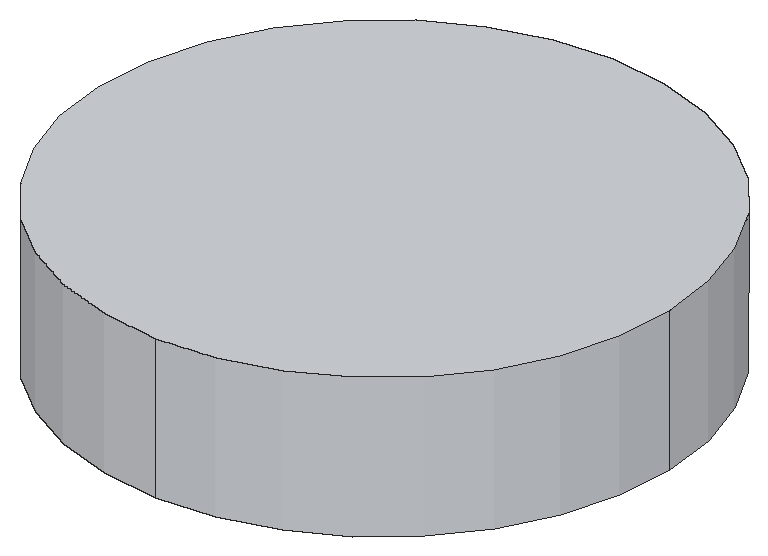
Revit family "c9ac357869264e9199d43925af4f8646", category Mechanical Equipment, host Face, Revit 2021
Family settings
  Host = Face
  Round Connector Dimension = Use Radius
  Part Type = Normal
  OmniClass Number = 23.65.00.00
  OmniClass Title = Supply and Distribution of Liquids and Gases
  Seek Item ID = Pipe Connector - Domestic Cold Water - Mechanical Equipment-0000-USA-ENU
  Cut with Voids When Loaded = No
  Shared = No
  Room Calculation Point = No
Parameters (values of type "Standard")
  Thickness [instance] = 0' - 1"
  Nominal Radius [instance] = 2"
  Flow [instance] = 10 GPM
  Nominal Diameter [instance] = Nominal Radius * 2  # 4"
  Default Elevation = 0' - 0"
  Assembly Code = ""
Reference planes (in)
  plane 1 "Center (Front/Back)": y = 0
  plane 2: z = 0
  plane 3 "Center (Left/Right)": x = 0
Forms (in)
  Sweep 1, solid
    path in 3D
      loop
        line (0, 0, 0) -> (0, 0, 1)
    profile "Duct - Round : Duct - Round" origin (0, 0, 0.5) x (0, -1, 0) y (1, 0, 0)
      loop
        arc (-2, 0) -> (-1.41421, -1.41421) -> (0, -2) r 2
        arc (0, -2) -> (1.41421, -1.41421) -> (2, 0) r 2
        arc (2, 0) -> (1.41421, 1.41421) -> (0, 2) r 2
        arc (0, 2) -> (-1.41421, 1.41421) -> (-2, 0) r 2
Lines and regions (in)
  reference lines
    curve 1: line (0, 0, 0) -> (0, 0, 1)
  sketch lines
    curve 2: line (0, 0, 0) -> (0, 0, 1)
Dimensions and locks (in)
  "Thickness": curve 1 to curve 1
  aligned and locked: plane 2 to host face
  aligned and locked: level to host face
  aligned and locked: host face to curve 1
  aligned and locked: curve 1 to plane 1 "Center (Front/Back)"
Automatic sketch dimensions
  host sketch curve to host sketch curve = 8' - 0"  (x2)
Connectors (in)
  piping at (0, 0, 1), diameter 4, driven by "Flow", driven by "Nominal Radius"
    settings: on Sweep 1, index 1, connector inside diameter 4", connector length 0' - 0", flow factor 0, pipe flow 10 GPM, pressure drop 0.00 psi, fitting loss kfactor 0, connector angle 0.00°, fixture units 0, engagement length 0' - 0", angle of deflection 0.00°, flow configuration 1, flow direction 1, fitting loss method 0, system type 20, joint type 0, gender type 0, connector reference index -1, connector utility 0, adjustable connector no, is connector primary yes, connector description ""
